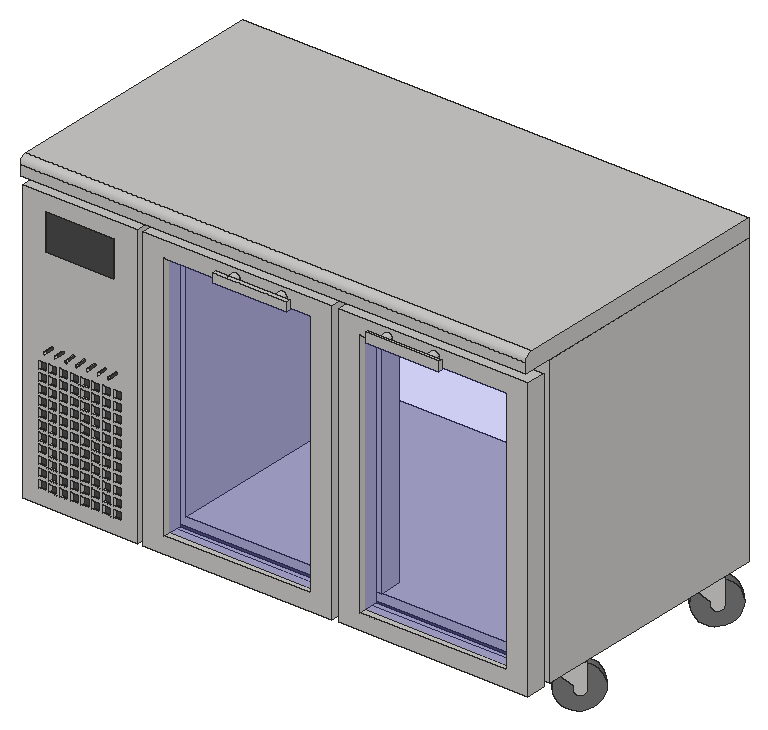
Revit family "QF_Turbo Air_JUR-48-G21066fdd-a5d1-4492-b9ce-d4689454e1ac", category Specialty Equipment, Revit 2012
Parameters
  Weight in Pounds = 244
  Watermarked By = "http://revitwatermark.com"
  Volts = 115 V
  URL Cutsheet = ""
  URL = "www.turboairinc.com"
  Status [instance] = ""
  Specification by User [instance] = ""
  Specification by Manufacturer [instance] = ""
  Serial Number [instance] = ""
  Revision Code [instance] = ""
  Phase = 1
  Number of Poles [instance] = 1
  NAFEM Spec ID Number [instance] = ""
  Model = "JUR-48-G"
  Masterspec [instance] = ""
  Manufacturer = "Turbo Air"  # constant formula
  Legs [instance] = [6 inch Legs]  # no
  Item Number [instance] = "-"
  Installed By [instance] = ""
  HP = "1/4"
  Furnished By [instance] = ""
  Foodservice Equipment Identifier = yes
  FL Amps = 4.5 A
  Electrical Remarks [instance] = ""
  Electric Connection Type [instance] = ""
  Elec Conn RI Height [instance] = 0' - 0"
  Elec Conn Connection Height = 1' - 0"
  Description = "Undercounter Refrigerator"
  Cycle = 60 Hz
  Conn Plug = "NEMA 5-15P"
  Casters [instance] = not(Legs)  # yes
  CasterLeg Height [instance] = if([4 inch Casters], 0' 5", if([5 inch Casters], 0' 5 3/4", if([2_5 inch Casters], 0' 3 3/8", 0' 6")))  # 0' - 5"
  CSI MasterFormat = "11 41 13"
  Assembly Code = "E1090320"
  Apparent Power = if(Phase = 3, Volts * FL Amps * 1.73, Volts * FL Amps)  # 517.5 VA
  6 inch Legs [instance] = no
  5 inch Casters [instance] = no
  4 inch Casters [instance] = yes
  2_5 inch Casters [instance] = no
Reference planes (in)
  plane 1 "BACK": y = -1.5
  plane 2: z = 0
  plane 3 "LEFT": x = -20.72594
  plane 4 "Bottom": z = 5
  plane 5 "Back Stops": y = -0.5
  plane 6 "RIGHT": x = 26.52406
  plane 7 "FRONT": y = -29
  plane 8 "Door Clearance": y = -43.375
  plane 9 "Back of Door": y = -25.4375
  plane 10 "Front of Box": y = -24.75
  plane 11 "Counter Top": z = 33.75
  plane 12 "Top of Door": z = 31.25
  plane 13 "Front of Doors": y = -27.25
  plane 14 "Front of Ledge": y = -27.5
  plane 15 "Left of Right Door": x = 8.83656
  plane 16 "Right of Grill": x = -9.97594
  plane 17 "Right of Left Door": x = 8.21156
  plane 18 "Left of Left Door": x = -9.47594
Forms (in)
  Extrusion 1, solid, material "QF_Finishes_Stainless Steel"
    sketch origin (-20.72594, 0, 0) x (0, 1, 0) y (0, 0, 1)
      loop
        line (-1.5, 32.125) -> (-1.5, 33.75) -> (-26.8125, 33.75)
        arc (-26.8125, 33.75) -> (-27.29864, 33.54864) -> (-27.5, 33.0625) r 0.6875
        line (-27.5, 33.0625) -> (-27.5, 32.125) -> (-1.5, 32.125)
    from 0 to 47.25
  Extrusion 2, solid, material "QF_Finishes_Black"
    sketch origin (0, -24.75, 0) x (1, 0, 0) y (0, 0, 1)
      loop
        line (25.52406, 6) -> (25.52406, 30.25) -> (9.83656, 30.25) -> (9.83656, 6) -> (25.52406, 6)
      loop
        line (7.21156, 6) -> (7.21156, 30.25) -> (-8.47594, 30.25) -> (-8.47594, 6) -> (7.21156, 6)
      loop
        line (-8.22594, 6.25) -> (6.96156, 6.25) -> (6.96156, 30) -> (-8.22594, 30) -> (-8.22594, 6.25)
      loop
        line (10.08656, 30) -> (10.08656, 6.25) -> (25.27406, 6.25) -> (25.27406, 30) -> (10.08656, 30)
    from 0 to 0.6875
  Extrusion 3, solid, material "QF_Finishes_Black"
    sketch origin (0, -1.5, 0) x (1, 0, 0) y (0, 0, 1)
      loop
        circle (-14.60094, 28.9375) r 0.5
      loop
        circle (20.39906, 28.9375) r 0.5
    from 0 to -1
  Extrusion 4, solid, material "QF_Finishes_Stainless Steel"
    sketch origin (0, -1.5, 0) x (1, 0, 0) y (0, 0, 1)
      loop
        circle (-15.35094, 11.125) r 0.25
    from 0 to -0.0625
  Extrusion 5, solid, material "QF_Finishes_Stainless Steel"
    sketch origin (0, -24.75, 0) x (1, 0, 0) y (0, 0, 1)
      loop
        line (-20.72594, 31.25) -> (-20.72594, 5) -> (-9.97594, 5) -> (-9.97594, 31.25) -> (-20.72594, 31.25)
      loop
        line (-11.47594, 7.125) -> (-12.22594, 7.125) -> (-12.22594, 6.375) -> (-11.47594, 6.375) -> (-11.47594, 7.125)
      loop
        line (-12.47594, 7.125) -> (-13.22594, 7.125) -> (-13.22594, 6.375) -> (-12.47594, 6.375) -> (-12.47594, 7.125)
      loop
        line (-13.47594, 7.125) -> (-14.22594, 7.125) -> (-14.22594, 6.375) -> (-13.47594, 6.375) -> (-13.47594, 7.125)
      loop
        line (-14.47594, 7.125) -> (-15.22594, 7.125) -> (-15.22594, 6.375) -> (-14.47594, 6.375) -> (-14.47594, 7.125)
      loop
        line (-15.47594, 7.125) -> (-16.22594, 7.125) -> (-16.22594, 6.375) -> (-15.47594, 6.375) -> (-15.47594, 7.125)
      loop
        line (-16.47594, 7.125) -> (-17.22594, 7.125) -> (-17.22594, 6.375) -> (-16.47594, 6.375) -> (-16.47594, 7.125)
      loop
        line (-17.47594, 7.125) -> (-18.22594, 7.125) -> (-18.22594, 6.375) -> (-17.47594, 6.375) -> (-17.47594, 7.125)
      loop
        line (-18.47594, 7.125) -> (-19.22594, 7.125) -> (-19.22594, 6.375) -> (-18.47594, 6.375) -> (-18.47594, 7.125)
      loop
        line (-11.47594, 8.125) -> (-12.22594, 8.125) -> (-12.22594, 7.375) -> (-11.47594, 7.375) -> (-11.47594, 8.125)
      loop
        line (-12.47594, 8.125) -> (-13.22594, 8.125) -> (-13.22594, 7.375) -> (-12.47594, 7.375) -> (-12.47594, 8.125)
      loop
        line (-13.47594, 8.125) -> (-14.22594, 8.125) -> (-14.22594, 7.375) -> (-13.47594, 7.375) -> (-13.47594, 8.125)
      loop
        line (-14.47594, 8.125) -> (-15.22594, 8.125) -> (-15.22594, 7.375) -> (-14.47594, 7.375) -> (-14.47594, 8.125)
      loop
        line (-15.47594, 8.125) -> (-16.22594, 8.125) -> (-16.22594, 7.375) -> (-15.47594, 7.375) -> (-15.47594, 8.125)
      loop
        line (-16.47594, 8.125) -> (-17.22594, 8.125) -> (-17.22594, 7.375) -> (-16.47594, 7.375) -> (-16.47594, 8.125)
      loop
        line (-17.47594, 8.125) -> (-18.22594, 8.125) -> (-18.22594, 7.375) -> (-17.47594, 7.375) -> (-17.47594, 8.125)
      loop
        line (-18.47594, 8.125) -> (-19.22594, 8.125) -> (-19.22594, 7.375) -> (-18.47594, 7.375) -> (-18.47594, 8.125)
      loop
        line (-11.47594, 9.125) -> (-12.22594, 9.125) -> (-12.22594, 8.375) -> (-11.47594, 8.375) -> (-11.47594, 9.125)
      loop
        line (-12.47594, 9.125) -> (-13.22594, 9.125) -> (-13.22594, 8.375) -> (-12.47594, 8.375) -> (-12.47594, 9.125)
      loop
        line (-13.47594, 9.125) -> (-14.22594, 9.125) -> (-14.22594, 8.375) -> (-13.47594, 8.375) -> (-13.47594, 9.125)
      loop
        line (-14.47594, 9.125) -> (-15.22594, 9.125) -> (-15.22594, 8.375) -> (-14.47594, 8.375) -> (-14.47594, 9.125)
      loop
        line (-15.47594, 9.125) -> (-16.22594, 9.125) -> (-16.22594, 8.375) -> (-15.47594, 8.375) -> (-15.47594, 9.125)
      loop
        line (-16.47594, 9.125) -> (-17.22594, 9.125) -> (-17.22594, 8.375) -> (-16.47594, 8.375) -> (-16.47594, 9.125)
      loop
        line (-17.47594, 9.125) -> (-18.22594, 9.125) -> (-18.22594, 8.375) -> (-17.47594, 8.375) -> (-17.47594, 9.125)
      loop
        line (-18.47594, 9.125) -> (-19.22594, 9.125) -> (-19.22594, 8.375) -> (-18.47594, 8.375) -> (-18.47594, 9.125)
      loop
        line (-11.47594, 10.125) -> (-12.22594, 10.125) -> (-12.22594, 9.375) -> (-11.47594, 9.375) -> (-11.47594, 10.125)
      loop
        line (-12.47594, 10.125) -> (-13.22594, 10.125) -> (-13.22594, 9.375) -> (-12.47594, 9.375) -> (-12.47594, 10.125)
      loop
        line (-13.47594, 10.125) -> (-14.22594, 10.125) -> (-14.22594, 9.375) -> (-13.47594, 9.375) -> (-13.47594, 10.125)
      loop
        line (-14.47594, 10.125) -> (-15.22594, 10.125) -> (-15.22594, 9.375) -> (-14.47594, 9.375) -> (-14.47594, 10.125)
      loop
        line (-15.47594, 10.125) -> (-16.22594, 10.125) -> (-16.22594, 9.375) -> (-15.47594, 9.375) -> (-15.47594, 10.125)
      loop
        line (-16.47594, 10.125) -> (-17.22594, 10.125) -> (-17.22594, 9.375) -> (-16.47594, 9.375) -> (-16.47594, 10.125)
      loop
        line (-17.47594, 10.125) -> (-18.22594, 10.125) -> (-18.22594, 9.375) -> (-17.47594, 9.375) -> (-17.47594, 10.125)
      loop
        line (-18.47594, 10.125) -> (-19.22594, 10.125) -> (-19.22594, 9.375) -> (-18.47594, 9.375) -> (-18.47594, 10.125)
      loop
        line (-11.47594, 11.125) -> (-12.22594, 11.125) -> (-12.22594, 10.375) -> (-11.47594, 10.375) -> (-11.47594, 11.125)
      loop
        line (-12.47594, 11.125) -> (-13.22594, 11.125) -> (-13.22594, 10.375) -> (-12.47594, 10.375) -> (-12.47594, 11.125)
      loop
        line (-13.47594, 11.125) -> (-14.22594, 11.125) -> (-14.22594, 10.375) -> (-13.47594, 10.375) -> (-13.47594, 11.125)
      loop
        line (-14.47594, 11.125) -> (-15.22594, 11.125) -> (-15.22594, 10.375) -> (-14.47594, 10.375) -> (-14.47594, 11.125)
      loop
        line (-15.47594, 11.125) -> (-16.22594, 11.125) -> (-16.22594, 10.375) -> (-15.47594, 10.375) -> (-15.47594, 11.125)
      loop
        line (-16.47594, 11.125) -> (-17.22594, 11.125) -> (-17.22594, 10.375) -> (-16.47594, 10.375) -> (-16.47594, 11.125)
      loop
        line (-17.47594, 11.125) -> (-18.22594, 11.125) -> (-18.22594, 10.375) -> (-17.47594, 10.375) -> (-17.47594, 11.125)
      loop
        line (-18.47594, 11.125) -> (-19.22594, 11.125) -> (-19.22594, 10.375) -> (-18.47594, 10.375) -> (-18.47594, 11.125)
      loop
        line (-11.47594, 12.125) -> (-12.22594, 12.125) -> (-12.22594, 11.375) -> (-11.47594, 11.375) -> (-11.47594, 12.125)
      loop
        line (-12.47594, 12.125) -> (-13.22594, 12.125) -> (-13.22594, 11.375) -> (-12.47594, 11.375) -> (-12.47594, 12.125)
      loop
        line (-13.47594, 12.125) -> (-14.22594, 12.125) -> (-14.22594, 11.375) -> (-13.47594, 11.375) -> (-13.47594, 12.125)
      loop
        line (-14.47594, 12.125) -> (-15.22594, 12.125) -> (-15.22594, 11.375) -> (-14.47594, 11.375) -> (-14.47594, 12.125)
      loop
        line (-15.47594, 12.125) -> (-16.22594, 12.125) -> (-16.22594, 11.375) -> (-15.47594, 11.375) -> (-15.47594, 12.125)
      loop
        line (-16.47594, 12.125) -> (-17.22594, 12.125) -> (-17.22594, 11.375) -> (-16.47594, 11.375) -> (-16.47594, 12.125)
      loop
        line (-17.47594, 12.125) -> (-18.22594, 12.125) -> (-18.22594, 11.375) -> (-17.47594, 11.375) -> (-17.47594, 12.125)
      loop
        line (-18.47594, 12.125) -> (-19.22594, 12.125) -> (-19.22594, 11.375) -> (-18.47594, 11.375) -> (-18.47594, 12.125)
      loop
        line (-11.47594, 13.125) -> (-12.22594, 13.125) -> (-12.22594, 12.375) -> (-11.47594, 12.375) -> (-11.47594, 13.125)
      loop
        line (-12.47594, 13.125) -> (-13.22594, 13.125) -> (-13.22594, 12.375) -> (-12.47594, 12.375) -> (-12.47594, 13.125)
      loop
        line (-13.47594, 13.125) -> (-14.22594, 13.125) -> (-14.22594, 12.375) -> (-13.47594, 12.375) -> (-13.47594, 13.125)
      loop
        line (-14.47594, 13.125) -> (-15.22594, 13.125) -> (-15.22594, 12.375) -> (-14.47594, 12.375) -> (-14.47594, 13.125)
      loop
        line (-15.47594, 13.125) -> (-16.22594, 13.125) -> (-16.22594, 12.375) -> (-15.47594, 12.375) -> (-15.47594, 13.125)
      loop
        line (-16.47594, 13.125) -> (-17.22594, 13.125) -> (-17.22594, 12.375) -> (-16.47594, 12.375) -> (-16.47594, 13.125)
      loop
        line (-17.47594, 13.125) -> (-18.22594, 13.125) -> (-18.22594, 12.375) -> (-17.47594, 12.375) -> (-17.47594, 13.125)
      loop
        line (-18.47594, 13.125) -> (-19.22594, 13.125) -> (-19.22594, 12.375) -> (-18.47594, 12.375) -> (-18.47594, 13.125)
      loop
        line (-11.47594, 14.125) -> (-12.22594, 14.125) -> (-12.22594, 13.375) -> (-11.47594, 13.375) -> (-11.47594, 14.125)
      loop
        line (-12.47594, 14.125) -> (-13.22594, 14.125) -> (-13.22594, 13.375) -> (-12.47594, 13.375) -> (-12.47594, 14.125)
      loop
        line (-13.47594, 14.125) -> (-14.22594, 14.125) -> (-14.22594, 13.375) -> (-13.47594, 13.375) -> (-13.47594, 14.125)
      loop
        line (-14.47594, 14.125) -> (-15.22594, 14.125) -> (-15.22594, 13.375) -> (-14.47594, 13.375) -> (-14.47594, 14.125)
      loop
        line (-15.47594, 14.125) -> (-16.22594, 14.125) -> (-16.22594, 13.375) -> (-15.47594, 13.375) -> (-15.47594, 14.125)
      loop
        line (-16.47594, 14.125) -> (-17.22594, 14.125) -> (-17.22594, 13.375) -> (-16.47594, 13.375) -> (-16.47594, 14.125)
      loop
        line (-17.47594, 14.125) -> (-18.22594, 14.125) -> (-18.22594, 13.375) -> (-17.47594, 13.375) -> (-17.47594, 14.125)
      loop
        line (-18.47594, 14.125) -> (-19.22594, 14.125) -> (-19.22594, 13.375) -> (-18.47594, 13.375) -> (-18.47594, 14.125)
      loop
        line (-11.47594, 15.125) -> (-12.22594, 15.125) -> (-12.22594, 14.375) -> (-11.47594, 14.375) -> (-11.47594, 15.125)
      loop
        line (-12.47594, 15.125) -> (-13.22594, 15.125) -> (-13.22594, 14.375) -> (-12.47594, 14.375) -> (-12.47594, 15.125)
      loop
        line (-13.47594, 15.125) -> (-14.22594, 15.125) -> (-14.22594, 14.375) -> (-13.47594, 14.375) -> (-13.47594, 15.125)
      loop
        line (-14.47594, 15.125) -> (-15.22594, 15.125) -> (-15.22594, 14.375) -> (-14.47594, 14.375) -> (-14.47594, 15.125)
      loop
        line (-15.47594, 15.125) -> (-16.22594, 15.125) -> (-16.22594, 14.375) -> (-15.47594, 14.375) -> (-15.47594, 15.125)
      loop
        line (-16.47594, 15.125) -> (-17.22594, 15.125) -> (-17.22594, 14.375) -> (-16.47594, 14.375) -> (-16.47594, 15.125)
      loop
        line (-17.47594, 15.125) -> (-18.22594, 15.125) -> (-18.22594, 14.375) -> (-17.47594, 14.375) -> (-17.47594, 15.125)
      loop
        line (-18.47594, 15.125) -> (-19.22594, 15.125) -> (-19.22594, 14.375) -> (-18.47594, 14.375) -> (-18.47594, 15.125)
      loop
        line (-11.47594, 16.125) -> (-12.22594, 16.125) -> (-12.22594, 15.375) -> (-11.47594, 15.375) -> (-11.47594, 16.125)
      loop
        line (-12.47594, 16.125) -> (-13.22594, 16.125) -> (-13.22594, 15.375) -> (-12.47594, 15.375) -> (-12.47594, 16.125)
      loop
        line (-13.47594, 16.125) -> (-14.22594, 16.125) -> (-14.22594, 15.375) -> (-13.47594, 15.375) -> (-13.47594, 16.125)
      loop
        line (-14.47594, 16.125) -> (-15.22594, 16.125) -> (-15.22594, 15.375) -> (-14.47594, 15.375) -> (-14.47594, 16.125)
      loop
        line (-15.47594, 16.125) -> (-16.22594, 16.125) -> (-16.22594, 15.375) -> (-15.47594, 15.375) -> (-15.47594, 16.125)
      loop
        line (-16.47594, 16.125) -> (-17.22594, 16.125) -> (-17.22594, 15.375) -> (-16.47594, 15.375) -> (-16.47594, 16.125)
      loop
        line (-17.47594, 16.125) -> (-18.22594, 16.125) -> (-18.22594, 15.375) -> (-17.47594, 15.375) -> (-17.47594, 16.125)
      loop
        line (-18.47594, 16.125) -> (-19.22594, 16.125) -> (-19.22594, 15.375) -> (-18.47594, 15.375) -> (-18.47594, 16.125)
      loop
        line (-11.47594, 17.125) -> (-12.22594, 17.125) -> (-12.22594, 16.375) -> (-11.47594, 16.375) -> (-11.47594, 17.125)
      loop
        line (-12.47594, 17.125) -> (-13.22594, 17.125) -> (-13.22594, 16.375) -> (-12.47594, 16.375) -> (-12.47594, 17.125)
      loop
        line (-13.47594, 17.125) -> (-14.22594, 17.125) -> (-14.22594, 16.375) -> (-13.47594, 16.375) -> (-13.47594, 17.125)
      loop
        line (-14.47594, 17.125) -> (-15.22594, 17.125) -> (-15.22594, 16.375) -> (-14.47594, 16.375) -> (-14.47594, 17.125)
      loop
        line (-15.47594, 17.125) -> (-16.22594, 17.125) -> (-16.22594, 16.375) -> (-15.47594, 16.375) -> (-15.47594, 17.125)
      loop
        line (-16.47594, 17.125) -> (-17.22594, 17.125) -> (-17.22594, 16.375) -> (-16.47594, 16.375) -> (-16.47594, 17.125)
      loop
        line (-17.47594, 17.125) -> (-18.22594, 17.125) -> (-18.22594, 16.375) -> (-17.47594, 16.375) -> (-17.47594, 17.125)
      loop
        line (-18.47594, 17.125) -> (-19.22594, 17.125) -> (-19.22594, 16.375) -> (-18.47594, 16.375) -> (-18.47594, 17.125)
      loop
        arc (-14.68933, 17.96339) -> (-14.68933, 17.78661) -> (-14.51255, 17.78661) r 0.125
        line (-14.51255, 17.78661) -> (-13.80544, 18.49372)
        arc (-13.80544, 18.49372) -> (-13.80544, 18.6705) -> (-13.98222, 18.6705) r 0.125
        line (-13.98222, 18.6705) -> (-14.68933, 17.96339)
      loop
        arc (-13.68933, 17.96339) -> (-13.68933, 17.78661) -> (-13.51255, 17.78661) r 0.125
        line (-13.51255, 17.78661) -> (-12.80544, 18.49372)
        arc (-12.80544, 18.49372) -> (-12.80544, 18.6705) -> (-12.98222, 18.6705) r 0.125
        line (-12.98222, 18.6705) -> (-13.68933, 17.96339)
      loop
        arc (-12.68933, 17.96339) -> (-12.68933, 17.78661) -> (-12.51255, 17.78661) r 0.125
        line (-12.51255, 17.78661) -> (-11.80544, 18.49372)
        arc (-11.80544, 18.49372) -> (-11.80544, 18.6705) -> (-11.98222, 18.6705) r 0.125
        line (-11.98222, 18.6705) -> (-12.68933, 17.96339)
      loop
        arc (-17.68933, 17.96339) -> (-17.68933, 17.78661) -> (-17.51255, 17.78661) r 0.125
        line (-17.51255, 17.78661) -> (-16.80544, 18.49372)
        arc (-16.80544, 18.49372) -> (-16.80544, 18.6705) -> (-16.98222, 18.6705) r 0.125
        line (-16.98222, 18.6705) -> (-17.68933, 17.96339)
      loop
        arc (-16.68933, 17.96339) -> (-16.68933, 17.78661) -> (-16.51255, 17.78661) r 0.125
        line (-16.51255, 17.78661) -> (-15.80544, 18.49372)
        arc (-15.80544, 18.49372) -> (-15.80544, 18.6705) -> (-15.98222, 18.6705) r 0.125
        line (-15.98222, 18.6705) -> (-16.68933, 17.96339)
      loop
        arc (-15.68933, 17.96339) -> (-15.68933, 17.78661) -> (-15.51255, 17.78661) r 0.125
        line (-15.51255, 17.78661) -> (-14.80544, 18.49372)
        arc (-14.80544, 18.49372) -> (-14.80544, 18.6705) -> (-14.98222, 18.6705) r 0.125
        line (-14.98222, 18.6705) -> (-15.68933, 17.96339)
      loop
        arc (-18.68933, 17.96339) -> (-18.68933, 17.78661) -> (-18.51255, 17.78661) r 0.125
        line (-18.51255, 17.78661) -> (-17.80544, 18.49372)
        arc (-17.80544, 18.49372) -> (-17.80544, 18.6705) -> (-17.98222, 18.6705) r 0.125
        line (-17.98222, 18.6705) -> (-18.68933, 17.96339)
      loop
        line (-12.16344, 29.75) -> (-18.53844, 29.75) -> (-18.53844, 26.375) -> (-12.16344, 26.375) -> (-12.16344, 29.75)
    from 0 to 2.5
  Extrusion 6, solid, material "QF_Finishes_Black"
    sketch origin (0, -24.75, 0) x (1, 0, 0) y (0, 0, 1)
      loop
        line (-19.72594, 5.875) -> (-10.97594, 5.875) -> (-10.97594, 19.125) -> (-19.72594, 19.125) -> (-19.72594, 5.875)
    from 0 to 2.25
  Extrusion 7, solid, material "QF_Finishes_Black"
    sketch origin (0, -24.75, 0) x (1, 0, 0) y (0, 0, 1)
      loop
        line (-18.53844, 29.75) -> (-18.53844, 26.375) -> (-12.16344, 26.375) -> (-12.16344, 29.75) -> (-18.53844, 29.75)
    from 0 to 2.5
  Extrusion 8, solid, material "QF_Finishes_Stainless Steel"
    sketch origin (0, -1.5, 0) x (1, 0, 0) y (0, 0, 1)
      loop
        line (-20.72594, 32.125) -> (-20.72594, 5) -> (26.52406, 5) -> (26.52406, 32.125) -> (-20.72594, 32.125)
      loop
        line (-7.47594, 29.25) -> (-7.47594, 7) -> (24.52406, 7) -> (24.52406, 29.25) -> (-7.47594, 29.25)
    from 0 to 23.25
  Extrusion 9, solid, material "QF_Finishes_Stainless Steel"
    sketch origin (0, -24.75, 0) x (1, 0, 0) y (0, 0, 1)
      loop
        line (10.83656, 29.25) -> (6.21156, 29.25) -> (6.21156, 7) -> (10.83656, 7) -> (10.83656, 29.25)
    from 0 to -2
Lines and regions (in)
  symbolic lines
    curve 1: line (-20.72594, -1.5, 33.75) -> (26.52406, -1.5, 33.75)
    curve 2: line (-20.72594, -29, 33.75) -> (-20.72594, -1.5, 33.75)
    curve 3: line (26.52406, -29, 33.75) -> (-20.72594, -29, 33.75)
    curve 4: line (26.52406, -1.5, 33.75) -> (26.52406, -29, 33.75)
    curve 5: line (19.89906, -0.5, 33.75) -> (20.89906, -0.5, 33.75)
    curve 6: line (-15.10094, -0.5, 33.75) -> (-14.10094, -0.5, 33.75)
    curve 7: line (-15.10094, -0.5, 33.75) -> (-15.10094, -1.5, 33.75)
    curve 8: line (-14.10094, -0.5, 33.75) -> (-14.10094, -1.5, 33.75)
    curve 9: line (19.89906, -0.5, 33.75) -> (19.89906, -1.5, 33.75)
    curve 10: line (20.89906, -0.5, 33.75) -> (20.89906, -1.5, 33.75)
  symbolic lines, style "QF_Clearances", detail levels coarse
    curve 11: line (26.52406, -29, 33.75) -> (26.52406, -43.375, 33.75)
    curve 12: arc (26.52406, -43.375, 33.75) -> (15.24891, -39.31537, 33.75) -> (9.14951, -29, 33.75) r 17.6875
    curve 13: line (-9.47594, -29, 33.75) -> (-9.47594, -43.375, 33.75)
    curve 14: arc (-9.47594, -43.375, 33.75) -> (1.79921, -39.31537, 33.75) -> (7.89861, -29, 33.75) r 17.6875
Dimensions and locks (in)
  "CasterLeg Height": plane 4 "Bottom" to plane 2
  locked: plane 1 "BACK" to plane 5 "Back Stops" at 1
  locked: plane 6 "RIGHT" to plane 3 "LEFT" at 47.25
  locked: plane 7 "FRONT" to plane 1 "BACK" at 27.5
  locked: plane 9 "Back of Door" to plane 10 "Front of Box" at 0.6875
  locked: plane 11 "Counter Top" to plane 4 "Bottom" at 28.75
  locked: Extrusion 2 sketch curve to plane 6 "RIGHT" at 1
  locked: nested 1 to plane 1 "BACK" at 2.5625
  locked: plane 3 "LEFT" to nested 1 at 2.5
  locked: plane 3 "LEFT" to nested 2 at 2.5
  locked: plane 10 "Front of Box" to nested 2 at 4.625
  locked: nested 3 to plane 6 "RIGHT" at 2.5
  locked: nested 4 to plane 6 "RIGHT" at 2.5
  locked: plane 10 "Front of Box" to nested 4 at 4.625
  locked: nested 3 to plane 1 "BACK" at 2.5625
  locked: plane 11 "Counter Top" to Extrusion 3 sketch curve at 4.8125  (x2)
  locked: plane 6 "RIGHT" to Extrusion 3 sketch curve at 6.125
  locked: Extrusion 3 sketch curve to plane 3 "LEFT" at 6.125
  locked: Extrusion 4 sketch curve to plane 4 "Bottom" at 6.125
  locked: Extrusion 2 sketch curve to plane 4 "Bottom" at 1  (x2)
  locked: plane 12 "Top of Door" to Extrusion 2 sketch curve at 1  (x2)
  locked: plane 13 "Front of Doors" to plane 10 "Front of Box" at 2.5
  locked: plane 14 "Front of Ledge" to plane 13 "Front of Doors" at 0.25
  locked: plane 11 "Counter Top" to plane 12 "Top of Door" at 2.5
  locked: plane 11 "Counter Top" to Extrusion 1 sketch curve at 1.625
  locked: plane 15 "Left of Right Door" to plane 6 "RIGHT" at 17.6875
  locked: plane 3 "LEFT" to plane 16 "Right of Grill" at 10.75
  locked: Extrusion 2 sketch curve to plane 15 "Left of Right Door" at 1
  locked: plane 3 "LEFT" to Extrusion 6 sketch curve at 1
  locked: plane 16 "Right of Grill" to Extrusion 6 sketch curve at 1
  locked: Extrusion 6 sketch curve to plane 4 "Bottom" at 0.875
  locked: Extrusion 6 sketch curve to Extrusion 6 sketch curve at 13.25
  locked: Extrusion 4 sketch curve to plane 3 "LEFT" at 5.375
  locked: plane 16 "Right of Grill" to plane 18 "Left of Left Door" at 0.5
  locked: plane 18 "Left of Left Door" to plane 17 "Right of Left Door" at 17.6875
  locked: Extrusion 2 sketch curve to plane 17 "Right of Left Door" at 1
  locked: Extrusion 2 sketch curve to plane 18 "Left of Left Door" at 1
  locked: plane 11 "Counter Top" to Extrusion 8 sketch curve at 1.625
  locked: Extrusion 8 sketch curve to plane 18 "Left of Left Door" at 2
  locked: plane 12 "Top of Door" to Extrusion 8 sketch curve at 2
  locked: Extrusion 8 sketch curve to plane 6 "RIGHT" at 2
  locked: Extrusion 8 sketch curve to plane 4 "Bottom" at 2
  locked: Extrusion 2 sketch curve to Extrusion 2 sketch curve at 0.25  (x8)
  locked: Extrusion 9 sketch curve to plane 17 "Right of Left Door" at 2
  locked: Extrusion 9 sketch curve to plane 15 "Left of Right Door" at 2
  locked: plane 12 "Top of Door" to Extrusion 9 sketch curve at 2
  locked: Extrusion 9 sketch curve to plane 4 "Bottom" at 2
  locked: plane 8 "Door Clearance" to plane 7 "FRONT" at 14.375
  aligned and locked: level to plane 2
  aligned and locked: Extrusion 1 sketch curve to plane 1 "BACK"
  aligned and locked: plane 6 "RIGHT" to Extrusion 1
  aligned and locked: plane 9 "Back of Door" to Extrusion 2
  aligned and locked: Extrusion 1 sketch curve to plane 11 "Counter Top"
  aligned and locked: Extrusion 3 to plane 5 "Back Stops"
  aligned and locked: plane 1 "BACK" to curve 1
  aligned and locked: plane 3 "LEFT" to curve 2
  aligned and locked: curve 3 to plane 7 "FRONT"
  aligned and locked: curve 5 to Extrusion 3
  aligned and locked: curve 6 to Extrusion 3
  aligned and locked: Extrusion 1 sketch curve to plane 14 "Front of Ledge"
  aligned and locked: Extrusion 5 sketch curve to plane 12 "Top of Door"
  aligned and locked: plane 3 "LEFT" to Extrusion 5 sketch curve
  aligned and locked: plane 4 "Bottom" to Extrusion 5 sketch curve
  aligned and locked: plane 16 "Right of Grill" to Extrusion 5 sketch curve
  aligned and locked: plane 13 "Front of Doors" to Extrusion 5
  aligned and locked: plane 13 "Front of Doors" to Extrusion 7
  aligned and locked: plane 3 "LEFT" to Extrusion 8 sketch curve
  aligned and locked: plane 4 "Bottom" to Extrusion 8 sketch curve
  aligned and locked: Extrusion 8 sketch curve to plane 6 "RIGHT"
  aligned and locked: plane 10 "Front of Box" to Extrusion 8
  aligned and locked: plane 4 "Bottom" to nested 6
  aligned and locked: nested 5 to plane 4 "Bottom"
Automatic sketch dimensions
  curve 11 to plane 6 "RIGHT" = 0' - 0"
  plane 8 "Door Clearance" to curve 11 = 0' - 0"
  plane 8 "Door Clearance" to curve 14 = 0' - 0"
  curve 14 to plane 18 "Left of Left Door" = 0' - 0"
  plane 9 "Back of Door" to curve 14 = 0' - 0 1/4"
  plane 9 "Back of Door" to curve 12 = 0' - 0 1/4"
  curve 5 to curve 9 = 0' - 1"
  curve 6 to curve 7 = 0' - 1"
  Extrusion 5 sketch curve to Extrusion 5 sketch curve = 0' - 0.08839"  (x42)
  Extrusion 5 sketch curve to Extrusion 5 sketch curve = 0' - 0 3/4"  (x52)
  Extrusion 5 sketch curve to Extrusion 5 sketch curve = 0' - 0"  (x162)
  Extrusion 5 sketch curve to Extrusion 5 sketch curve = 0' - 0.03661"  (x7)
  Extrusion 5 sketch curve to Extrusion 5 sketch curve = 0' - 0 1/4"  (x125)
  Extrusion 5 sketch curve to Extrusion 5 sketch curve = 0' - 0.70711"  (x2)
  Extrusion 5 sketch curve to Extrusion 5 sketch curve = 0' - 0.11612"  (x6)
  Extrusion 5 sketch curve to Extrusion 5 sketch curve = 0' - 0.82322"  (x6)
  Extrusion 5 sketch curve to plane 16 "Right of Grill" = 0' - 2 3/16"
  plane 4 "Bottom" to Extrusion 5 sketch curve = 0' - 1 3/8"  (x2)
  Extrusion 5 sketch curve to Extrusion 5 sketch curve = 0' - 0.66161"  (x7)
  Extrusion 5 sketch curve to Extrusion 5 sketch curve = 0' - 0.53033"  (x6)
  Extrusion 5 sketch curve to plane 12 "Top of Door" = 0' - 4 7/8"
  Extrusion 5 sketch curve to plane 12 "Top of Door" = 0' - 1 1/2"
  Extrusion 7 sketch curve to plane 16 "Right of Grill" = 0' - 2 3/16"
  Extrusion 7 sketch curve to plane 12 "Top of Door" = 0' - 4 7/8"
  Extrusion 7 sketch curve to plane 12 "Top of Door" = 0' - 1 1/2"
  Extrusion 1 sketch curve to plane 13 "Front of Doors" = 0' - 0 7/16"
  curve 8 to plane 16 "Right of Grill" = 0' - 4 1/8"
  plane 3 "LEFT" to Extrusion 5 sketch curve = 0' - 1 1/2"  (x4)
  Extrusion 5 sketch curve to Extrusion 5 sketch curve = 0' - 0.53661"
  plane 3 "LEFT" to Extrusion 5 sketch curve = 0' - 2 3/16"
  plane 3 "LEFT" to Extrusion 7 sketch curve = 0' - 2 3/16"
  curve 10 to plane 6 "RIGHT" = 0' - 5 5/8"
  radius of Extrusion 3 sketch curve = 0' - 0 1/2"  (x2)
  radius of Extrusion 4 sketch curve = 0' - 0 1/4"
Nested families (in)
  nested 1: "FESCasterLeg" at (-18.22594, -4.0625, 0), Legs <- "Legs", Casters <- "Casters", Height <- "CasterLeg Height", type "FESCasterLeg"
    with Legs no, Height 0' - 5", Casters yes, Caster Radius 0' - 2"
  nested 2: "FESCasterLeg" at (-18.22594, -20.125, 0), Legs <- "Legs", Casters <- "Casters", Height <- "CasterLeg Height", type "FESCasterLeg"
    with Legs no, Height 0' - 5", Casters yes, Caster Radius 0' - 2"
  nested 3: "FESCasterLeg" at (24.02406, -4.0625, 0), Legs <- "Legs", Casters <- "Casters", Height <- "CasterLeg Height", type "FESCasterLeg"
    with Legs no, Height 0' - 5", Casters yes, Caster Radius 0' - 2"
  nested 4: "FESCasterLeg" at (24.02406, -20.125, 0), Legs <- "Legs", Casters <- "Casters", Height <- "CasterLeg Height", type "FESCasterLeg"
    with Legs no, Height 0' - 5", Casters yes, Caster Radius 0' - 2"
  nested 5: "QF_Turbo Air_TBL_Glass-Door" at (24.01323, -25.4375, 5), type "QF_Turbo Air_TBL_Glass-Door"
    with Width 1' - 5 11/16", Symbolic Lines no, Height 2' - 2 1/4", Depth 0' - 1 13/16"
  nested 6: "QF_Turbo Air_TBL_Glass-Door" at (-6.96511, -25.4375, 5) x (-1, 0, 0) z (0, 0, 1), type "QF_Turbo Air_TBL_Glass-Door"
    with Width 1' - 5 11/16", Symbolic Lines no, Height 2' - 2 1/4", Depth 0' - 1 13/16"
Connectors (in)
  electrical at (-15.35094, -1.4375, 11.125), driven by "Number of Poles", driven by "Volts", driven by "Apparent Power"
    settings: on Extrusion 4, index 1, voltage 115 V, apparent load 517.5 VA, apparent load phase1 0 VA, apparent load phase2 0 VA, apparent load phase3 0 VA, power factor 1, load classification "Other", number of poles 1, system type 30, power factor state 1, is connector primary yes, connector utility no, sub classification motor no, connector description ""
Definition of nested family "FESCasterLeg"
  Parameters (values of type "FESCasterLeg")
    Watermarked By = "http://revitwatermark.com"
    Type Comments = "⍁⍉⌁⌀⏭⎽⌇⍠⌜⍉⎖⌥⌦⌯⍭⏊⍻⍿⍊⏵⍊⏗⏠⍴⎡⌈⎀⍠⌓⌤⏘⎐⍀⌐⏬⏁⎈⏍⏦⎒⏬⌝⍩⍇⌣〈⎫〉⎁⏊⍥⍖⍥⍝⍦⌖⍀⏌⏭⎝⎼⏷⏞⍻⏯⎽⏷⏞⍻⏯⎽⏷⎺⌻⎝⍎⌧⏷⏟⏿⌿⍜⍦⍤⌁⍬⏶⏎⍊⏚⏉⎞⌡⎀⎪⏈⌟⌿⍾⍼⌟⌿⌢⌞⏜⏝⎽⍷⍷⍯⍧⍷⌯⍽⏸⏨⏾⏎⌣⏺⍹⏼⏅⎏⌽⎫⎪⍙⎓⏗⎗⏅⌴⍏⍏⍿⏑⎺⍘⌭⏲⍥⎛⎾⎾⍞⍌⎪⎲⌙⎥⏏⎟⎟⏼⏘⎏⎝⏧⏍⏁⍏⍧⏯⏾⌟"
    Legs [instance] = yes
    Height [instance] = 0' - 6"
    Caster Radius [instance] = if(Height < 0' 3", 0' 1", (Height / 2) - 0' 0 1/2")  # 0' - 2 1/2"
    Casters [instance] = yes
    Assembly Code = ""
  Reference planes (in)
    plane 1 "Center (Front/Back)": y = 0
    plane 2: z = 0
    plane 3 "Center (Left/Right)": x = 0
    plane 4: z = 6
    plane 5: z = 5.5
  Forms (in)
    Extrusion 1, solid, material "QF_Finishes_Stainless Steel", visible <- "Casters"
      sketch origin (-24.12131, -22.88887, 10.18833) x (0.707107, 0.707107, 0) y (0, 0, 1)
        loop
          line (34.98772, -7.68833) -> (34.98772, -4.93833) -> (34.48772, -4.93833) -> (34.39402, -4.68833) -> (32.39402, -4.68833) -> (32.39402, -5.43833) -> (33.98772, -7.34206) -> (33.98772, -7.68833)
          arc (33.98772, -7.68833) -> (34.48772, -8.18833) -> (34.98772, -7.68833) r 0.5
      from 0 to 1.75
    Extrusion 2, solid, material "QF_Finishes_Rubber Black", visible <- "Casters"
      sketch origin (-24.32327, -23.09083, 13.31461) x (0.707107, 0.707107, 0) y (0, 0, 1)
        loop
          circle (34.77334, -10.81461) r 2.5
      from 0.375 to 1.375
    Extrusion 3, solid, material "QF_Finishes_Stainless Steel", visible <- "Casters"
      sketch origin (-7.24148, -8.48391, 0) x (0.707107, 0.707107, 0) y (0, 0, 1)
        loop
          line (10.61603, 5.5) -> (11.61603, 5.5) -> (11.61603, 6) -> (10.61603, 6) -> (10.61603, 5.5)
      from 0 to -1.75
    Blend 4, solid, material "QF_Finishes_Stainless Steel", visible <- "Legs"
      base sketch origin (0, 0, 0) x (1, 0, 0) y (0, 1, 0)
        loop
          circle (0, 0) r 0.5
      top sketch origin (0, 0, 0) x (1, 0, 0) y (0, 1, 0)
        loop
          circle (0, 0) r 1
      from 0 to 6 <- "Height"
  Lines and regions (in)
    symbolic lines, style "QF_Hidden Details", visible <- "Casters", built-in parameter 1006206 <- "Casters"
      curve 1: line (-1.26158, -0.51911, 0) -> (1.39007, 2.13254, 0)
      curve 2: line (-0.53429, -1.24639, 0) -> (2.11736, 1.40526, 0)
    symbolic lines, style "QF_Hidden Details", built-in parameter 1006206 <- "Casters", visible <- "Casters"
      curve 3: line (-1.26158, -0.51911, 0) -> (1.39007, 2.13254, 0)
      curve 4: line (-0.53429, -1.24639, 0) -> (2.11736, 1.40526, 0)
  Dimensions and locks (in)
    locked: plane 4 to plane 5 at 0.5
    "Height": plane 4 to level
    "Caster Radius": Extrusion 2 sketch curve to level
    "Caster Radius": Extrusion 1 sketch curve to level
    "Caster Radius": radius of Extrusion 2 sketch curve
    aligned and locked: plane 2 to level
    aligned: Blend 4 to Extrusion 3
    aligned and locked: plane 4 to Blend 4
    aligned and locked: Extrusion 3 to plane 5
    aligned and locked: plane 4 to Extrusion 3
    aligned and locked: plane 5 to Extrusion 1
  Automatic sketch dimensions
    plane 1 "Center (Front/Back)" to curve 3 = 0' - 0.51911"
    curve 3 to plane 3 "Center (Left/Right)" = 0' - 1.26158"
    plane 1 "Center (Front/Back)" to curve 1 = 0' - 0.51911"
    curve 1 to curve 3 = 0' - 0"  (x3)
    curve 4 to plane 3 "Center (Left/Right)" = 0' - 0.53429"
    curve 2 to curve 4 = 0' - 0"  (x2)
    plane 3 "Center (Left/Right)" to curve 3 = 0' - 1.39007"
    curve 1 to curve 4 = 0' - 0.72729"
    curve 2 to curve 1 = 0' - 0.72729"
    curve 4 to curve 2 = 0' - 0"  (x2)
    curve 2 to plane 1 "Center (Front/Back)" = 0' - 1.40526"
    curve 2 to curve 3 = 0' - 0.72729"
    plane 5 to Extrusion 1 sketch curve = 0' - 0"
    Extrusion 1 sketch curve to Extrusion 1 sketch curve = 0' - 1.5937"
    Extrusion 1 sketch curve to Extrusion 1 sketch curve = 0' - 2"
    Extrusion 1 sketch curve to Extrusion 1 sketch curve = 0' - 0.0937"
    Extrusion 1 sketch curve to Extrusion 1 sketch curve = 0' - 0 1/2"
    Extrusion 1 sketch curve to Extrusion 1 sketch curve = 0' - 0.34627"
    Extrusion 1 sketch curve to plane 5 = 0' - 0 3/4"
    Extrusion 1 sketch curve to plane 5 = 0' - 0 1/4"
    Extrusion 3 sketch curve to plane 5 = 0' - 0"
    plane 4 to Extrusion 3 sketch curve = 0' - 0"
    Extrusion 3 sketch curve to Extrusion 3 sketch curve = 0' - 1"
    plane 1 "Center (Front/Back)" to Blend 4 sketch curve = 0' - 0"  (x2)
    Blend 4 sketch curve to plane 3 "Center (Left/Right)" = 0' - 0"  (x2)
    radius of Blend 4 sketch curve = 0' - 0 1/2"
    radius of Blend 4 sketch curve = 0' - 1"
Definition of nested family "QF_Turbo Air_TBL_Glass-Door"
  Parameters (values of type "QF_Turbo Air_TBL_Glass-Door")
    Width [instance] = 1' - 5 3/4"
    Watermarked By = "http://revitwatermark.com"
    Symbolic Lines [instance] = yes
    Manufacturer = "Turbo Air"  # constant formula
    Height [instance] = 2' - 2 5/16"
    Depth [instance] = 0' - 1 13/16"
  Reference planes (in)
    plane 1 "BACK": y = 0
    plane 2: z = 0
    plane 3 "LEFT": x = -15.17667
    plane 4: x = 2.57333
    plane 5 "FRONT": y = -1.8125
    plane 6: z = 26.3125
    plane 7: x = -13.17667
    plane 8: x = 0.57333
    plane 9: z = 24.8125
    plane 10: z = 1.5
    plane 11 "Handle": z = 25.5625
    plane 12: x = -11.80167
    plane 13: x = -4.92667
  Forms (in)
    Extrusion 1, solid, material "QF_Finishes_Stainless Steel"
      sketch origin (0, 0, 0) x (1, 0, 0) y (0, 0, 1)
        loop
          line (-15.17667, 26.3125) -> (-15.17667, 0) -> (2.57333, 0) -> (2.57333, 26.3125) -> (-15.17667, 26.3125)
        loop
          line (-13.17667, 24.8125) -> (-13.17667, 1.5) -> (0.57333, 1.5) -> (0.57333, 24.8125) -> (-13.17667, 24.8125)
      from 0 to 1.8125
    Extrusion 2, solid, material "QF_Finishes_Glass"
      sketch origin (0, 0, 0) x (1, 0, 0) y (0, 0, 1)
        loop
          line (-13.17667, 24.8125) -> (-13.17667, 1.5) -> (0.57333, 1.5) -> (0.57333, 24.8125) -> (-13.17667, 24.8125)
      from 0.5 to 1.3125
    Extrusion 3, solid, material "QF_Finishes_Polished Steel"
      sketch origin (0, -1.8125, 0) x (1, 0, 0) y (0, 0, 1)
        loop
          circle (-6.17667, 25.5625) r 0.375
        loop
          circle (-10.55167, 25.5625) r 0.375
      from 0 to 0.875
    Extrusion 4, solid, material "QF_Finishes_Stainless Steel"
      sketch origin (0, 0, 25.5625) x (0, 1, 0) y (-1, 0, 0)
        loop
          arc (-2.57298, 4.92667) -> (-2.74155, 8.36417) -> (-2.5729, 11.80167) r 35.125
          line (-2.5729, 11.80167) -> (-2.88689, 11.80167)
          arc (-2.88689, 11.80167) -> (-3.05405, 8.36417) -> (-2.88698, 4.92667) r 35.4375
          line (-2.88698, 4.92667) -> (-2.57298, 4.92667)
      from -0.4375 to 0.4375
  Lines and regions (in)
    symbolic lines, visible <- "Symbolic Lines"
      curve 1: line (-15.17667, 0, 26.5) -> (2.57333, 0, 26.5)
      curve 2: line (-15.17667, -1.8125, 26.5) -> (-15.17667, 0, 26.5)
      curve 3: line (2.57333, -1.8125, 26.5) -> (-15.17667, -1.8125, 26.5)
      curve 4: line (2.57333, 0, 26.5) -> (2.57333, -1.8125, 26.5)
  Dimensions and locks (in)
    "Width": plane 4 to plane 3 "LEFT"
    "Depth": plane 5 "FRONT" to plane 1 "BACK"
    "Height": plane 6 to plane 2
    locked: plane 10 to level at 1.5
    locked: plane 6 to plane 9 at 1.5
    locked: plane 3 "LEFT" to plane 7 at 2
    locked: plane 8 to plane 4 at 2
    locked: plane 1 "BACK" to Extrusion 2 at 0.5
    locked: Extrusion 2 to plane 5 "FRONT" at 0.5
    locked: plane 6 to plane 11 "Handle" at 0.75
    locked: plane 3 "LEFT" to plane 12 at 3.375
    locked: plane 12 to plane 13 at 6.875
    locked: Extrusion 3 sketch curve to plane 3 "LEFT" at 4.625
    locked: plane 13 to Extrusion 3 sketch curve at 1.25
    locked: plane 6 to Extrusion 3 sketch curve at 0.75  (x2)
    locked: Extrusion 4 sketch curve to plane 5 "FRONT" at 0.7604
    locked: Extrusion 4 sketch curve to Extrusion 4 sketch curve at 0.31399  (x2)
    locked: Extrusion 4 sketch curve to plane 5 "FRONT" at 0.76048
    aligned and locked: level to plane 2
    aligned and locked: Extrusion 1 sketch curve to plane 6
    aligned and locked: plane 3 "LEFT" to Extrusion 1 sketch curve
    aligned and locked: level to Extrusion 1 sketch curve
    aligned and locked: Extrusion 1 sketch curve to plane 4
    aligned and locked: plane 5 "FRONT" to Extrusion 1
    aligned and locked: Extrusion 1 sketch curve to plane 9
    aligned and locked: plane 7 to Extrusion 1 sketch curve
    aligned and locked: plane 10 to Extrusion 1 sketch curve
    aligned and locked: Extrusion 1 sketch curve to plane 8
    aligned and locked: Extrusion 2 sketch curve to plane 9
    aligned and locked: plane 7 to Extrusion 2 sketch curve
    aligned and locked: Extrusion 2 sketch curve to plane 8
    aligned and locked: plane 10 to Extrusion 2 sketch curve
    aligned and locked: plane 3 "LEFT" to curve 2
    aligned and locked: plane 1 "BACK" to curve 1
    aligned and locked: curve 4 to plane 4
    aligned and locked: curve 3 to plane 5 "FRONT"
    aligned and locked: Extrusion 4 sketch curve to plane 12
    aligned and locked: Extrusion 4 sketch curve to plane 13
  Automatic sketch dimensions
    Extrusion 4 sketch curve to Extrusion 4 sketch curve = 0' - 0"  (x2)
    radius of Extrusion 3 sketch curve = 0' - 0 3/8"  (x2)
